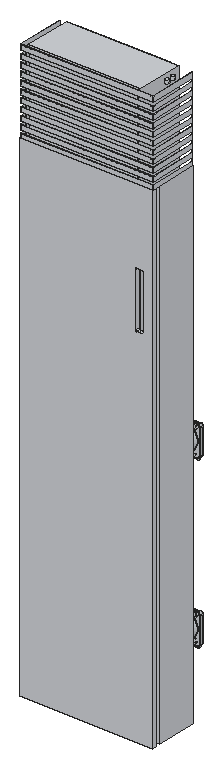
Revit family "57_CRD_ME_Ventura_V1C", category Mechanical Equipment, Revit 2020
Family settings
  Round Connector Dimension = Use Diameter
  Classification = None
  Part Type = Normal
  Work Plane-Based = Yes
  Always vertical = Yes
  Cut with Voids When Loaded = No
  Shared = No
  Room Calculation Point = Yes
Parameters (values of type "Ventura_V1C")
  voltage [instance] = 230 V  # constant formula
  unit_hoogte = 2281 mm
  unit_breedte = 520 mm
  roosters_hoh_maat [instance] = 660 mm
  rooster_offset_Y_onder [instance] = hoh_ventilatie_doorvoeren - roosters_hoh_maat + rooster_offset_Y_boven  # -50 mm
  rooster_offset_Y_boven [instance] = 100 mm
  rooster_offset_X [instance] = 100 mm
  muurrooster_waalformaat_rechts [instance] = and(positie_invoer_roosters = 3, muurrooster_waalformaat)  # no
  muurrooster_waalformaat_links [instance] = and(positie_invoer_roosters = 2, muurrooster_waalformaat)  # no
  muurrooster_waalformaat_achter [instance] = and(positie_invoer_roosters = 1, muurrooster_waalformaat)  # no
  muurrooster_vierkant_rechts [instance] = and(positie_invoer_roosters = 3, muurrooster_vierkant)  # no
  muurrooster_vierkant_links [instance] = and(positie_invoer_roosters = 2, muurrooster_vierkant)  # no
  muurrooster_vierkant_achter [instance] = and(positie_invoer_roosters = 1, muurrooster_vierkant)  # yes
  invoer_cv [instance] = 0.0 L/s
  diameter_cv = 15 mm
  cv_aansluiting_onder [instance] = yes
  cv_aansluiting_boven [instance] = yes
  3=positie_invoer_roosters_rechts [instance] = positie_invoer_roosters = 3  # no
  2=positie_invoer_roosters_links [instance] = positie_invoer_roosters = 2  # no
  1=positie_invoer_roosters_achter [instance] = positie_invoer_roosters = 1  # yes
  positie_invoer_roosters [instance] = 1
  onderkant_unit_tov_vloerpeil = 150 mm  # constant formula
  muurrooster_waalformaat [instance] = not(muurrooster_vierkant)  # no
  muurrooster_vierkant [instance] = yes
  materiaal_unit [instance] = none
  materiaal_muurrooster [instance] = none
  materiaal_kanaal [instance] = Color RAL 9016
  hoh_ventilatie_doorvoeren [instance] = 510 mm  # constant formula
  hart_onderste_doorvoer_tov_vloerpeil = 247 mm
  eis_offset_Y [instance] = "negatief getal ivm ontwatering"  # constant formula
  dikte_binnenspouwblad [instance] = 40 mm
  dikte_spouwconstructie [instance] = 400 mm
  diameter_kanaal [instance] = if(connection_diameter_110, 110 mm, 150 mm)  # 110 mm
  debiet_m3h_max [instance] = 250.00 m³  # constant formula
  debiet_m3h [instance] = 100.00 m³
  debiet_Ls [instance] = debiet_m3h / 3600.0 s  # 27.7778 L/s
  connection_diameter_150 [instance] = not(connection_diameter_110)  # no
  connection_diameter_110 [instance] = yes
  Power = 0 VA
  Mounting = 57_CRD_ME_Ventura_V1C_shared : Ventura_V1C_unit
  Default Elevation = 1219.2 mm
Reference planes
  plane 1 "Center (Front/Back)": y = 0
  plane 2: z = 0
  plane 3 "Center (Left/Right)": x = 0
  plane 4 "ok_unit": z = 150
  plane 5 "doorvoer_onder": z = 247
  plane 6 "doorvoer_boven": z = 757
  plane 7: y = -100
  plane 8: x = -260
  plane 9: x = 260
  plane 10 "bk_unit": z = 2431
  plane 11: x = 230
  plane 12: y = -70
  plane 13: y = -98
  plane 14: y = -179
  plane 15: x = 192
Forms (mm)
  Extrusion 1, solid, material <- "materiaal_unit", visible <- "cv_aansluiting_boven"
    sketch origin (0, 0, 2431) x (-1, 0, 0) y (0, -1, 0)
      loop
        circle (-230, 70) r 7.5
    from 0 to 10
  Extrusion 2, solid, material <- "materiaal_unit", visible <- "cv_aansluiting_boven"
    sketch origin (0, 0, 2431) x (-1, 0, 0) y (0, -1, 0)
      loop
        circle (-230, 98) r 7.5
    from 0 to 10
  Extrusion 3, solid, material <- "materiaal_unit", visible <- "cv_aansluiting_onder"
    sketch origin (0, 0, 150) x (-1, 0, 0) y (0, -1, 0)
      loop
        circle (-192, 179) r 7.5
    from 0 to -10
  Extrusion 4, solid, material <- "materiaal_unit", visible <- "cv_aansluiting_onder"
    sketch origin (0, 0, 150) x (-1, 0, 0) y (0, -1, 0)
      loop
        circle (-230, 179) r 7.5
    from 0 to -10
Dimensions and locks
  "hoh_ventilatie_doorvoeren": plane 6 "doorvoer_boven" to plane 5 "doorvoer_onder"
  "hart_onderste_doorvoer_tov_vloerpeil": plane 5 "doorvoer_onder" to plane 2
  "onderkant_unit_tov_vloerpeil": plane 4 "ok_unit" to plane 2
  locked: plane 1 "Center (Front/Back)" to plane 7 at 100
  equal spacing: plane 8, plane 3 "Center (Left/Right)", plane 9
  "unit_breedte": plane 8 to plane 9
  "unit_hoogte": plane 10 "bk_unit" to plane 4 "ok_unit"
  locked: plane 11 to plane 9 at 30
  locked: plane 12 to plane 1 "Center (Front/Back)" at 70
  locked: plane 13 to plane 1 "Center (Front/Back)" at 98
  locked: plane 14 to plane 1 "Center (Front/Back)" at 179
  locked: plane 3 "Center (Left/Right)" to plane 15 at 192
  "diameter_cv": diameter of Extrusion 3 sketch curve
  "diameter_cv": diameter of Extrusion 4 sketch curve
  "diameter_cv": diameter of Extrusion 1 sketch curve
  "diameter_cv": diameter of Extrusion 2 sketch curve
  aligned and locked: level to plane 2
  aligned and locked: nested 2 to plane 3 "Center (Left/Right)"
  aligned and locked: nested 2 to plane 1 "Center (Front/Back)"
  aligned and locked: nested 4 to plane 3 "Center (Left/Right)"
  aligned and locked: nested 4 to plane 1 "Center (Front/Back)"
  aligned and locked: nested 6 to plane 8
  aligned and locked: nested 7 to plane 8
  aligned and locked: nested 8 to plane 9
  aligned and locked: nested 9 to plane 9
  aligned and locked: plane 7 to nested 9
  aligned and locked: plane 7 to nested 8
  aligned and locked: nested 6 to plane 7
  aligned and locked: nested 7 to plane 7
Automatic sketch dimensions
  Extrusion 1 sketch curve to plane 11 = 0 mm
  plane 12 to Extrusion 1 sketch curve = 0 mm
  Extrusion 2 sketch curve to plane 11 = 0 mm
  plane 13 to Extrusion 2 sketch curve = 0 mm
  plane 14 to Extrusion 3 sketch curve = 0 mm
  Extrusion 3 sketch curve to plane 15 = 0 mm
  Extrusion 4 sketch curve to plane 11 = 0 mm
  plane 14 to Extrusion 4 sketch curve = 0 mm
Nested families
  nested 1: "57_CRD_ME_Ventura_V1C_shared" at (0, 0, 150) x (1, 0, 0) z (0, -1, 0), built-in parameter 1001360 <- "onderkant_unit_tov_vloerpeil", materiaal_muurrooster <- "materiaal_muurrooster", debiet_m3h <- "debiet_m3h", muurrooster_vierkant <- "muurrooster_vierkant", Power <- "Power", type <- "Mounting", materiaal_kanaal <- "materiaal_kanaal", materiaal_unit <- "materiaal_unit", rooster_offset_X <- "rooster_offset_X", dikte_binnenspouwblad <- "dikte_binnenspouwblad", dikte_spouwconstructie <- "dikte_spouwconstructie", rooster_offset_Y_boven <- "rooster_offset_Y_boven", rooster_offset_Y_onder <- "rooster_offset_Y_onder", Connection Diameter 150mm <- "connection_diameter_150", type "Ventura_V1C_unit"
    with rooster_offset_Y_onder -50 mm, rooster_offset_Y_boven 100 mm, rooster_offset_X 100 mm, muurrooster_waalformaat no, muurrooster_vierkant yes, materiaal_unit none, materiaal_muurrooster none, materiaal_kanaal Color RAL 9016, dikte_spouwconstructie 400 mm, dikte_binnenspouwblad 40 mm, debiet_m3h 100.00 m³, debiet_Ls 27.7778 L/s, Vertical Right1 no, Vertical Left1 no, Square White1 no, Square Grille Visible no, Square Grey1 no, Service Space no, Right Clearance 0 mm, Reference Line Ventilation Unit Length 260 mm, Reference Line Ventilation Unit Angle 180.00°, Reference Line Grid Length 96 mm, Reference Line Grid Angle 90.00°, Rectangular White1 no, Rectangular Grille Visible yes, Rectangular Brown1 yes, Rectangular Black1 no, Power 0 VA, Line Length 86.4 mm, Left Clearance 20 mm, Inside Diameter Wall Grille 140 mm, Horizontal Right1 no, Horizontal Left1 yes, Grille Wall Transit Length Safe 180 mm, Grille Wall Transit Length 220 mm, Function Code "", Double Rectangular White1 no, Double Rectangular Grille Visible no, Double Rectangular Brown1 no, Double Rectangular Black1 no, Diameter Wall Grille 140 mm, Connector Diameter 110 mm, Connection Diameter 150mm no, Connection Diameter 110mm yes
  nested 2: "57_CRD_AT_aansluiting_muurrooster_flex" at (0, 0, 247) x (-1, 0, 0) z (0, 0, 1), materiaal_kanaal <- "materiaal_kanaal", materiaal_rooster <- "materiaal_muurrooster", diepte <- "dikte_spouwconstructie", lengte_recht_deel_aansluiting <- "dikte_binnenspouwblad", offset_X <- "rooster_offset_X", offset_Y <- "rooster_offset_Y_onder", Connection Diameter 150 <- "connection_diameter_150", muurrooster_waalformaat <- "muurrooster_waalformaat_achter", visible <- "1=positie_invoer_roosters_achter", muurrooster_vierkant <- "muurrooster_vierkant_achter", type "Grille"
    with rekenwaarde_offset_Y 950 mm, rekenwaarde_offset_X 1100 mm, offset_Y -50 mm, offset_X 100 mm, muurrooster_waalformaat no, muurrooster_vierkant yes, materiaal_rooster none, materiaal_kanaal Color RAL 9016, lengte_recht_deel_aansluiting 40 mm, diepte 400 mm, Tube Length 370 mm, R 55 mm, Diameter 110 mm, Connection Diameter 150 no, Connection Diameter 110 yes, Connection Diameter 110 mm
  nested 3: "Square Grille" at (-100, 400.025, 197) x (-1, 0, 0) z (0, 0, 1), type "Square Grille"
    with materiaal none, Function Code ""
  nested 4: "57_CRD_AT_aansluiting_muurrooster_flex" at (0, 0, 757) x (-1, 0, 0) z (0, 0, 1), materiaal_kanaal <- "materiaal_kanaal", materiaal_rooster <- "materiaal_muurrooster", diepte <- "dikte_spouwconstructie", lengte_recht_deel_aansluiting <- "dikte_binnenspouwblad", offset_X <- "rooster_offset_X", offset_Y <- "rooster_offset_Y_boven", Connection Diameter 150 <- "connection_diameter_150", muurrooster_waalformaat <- "muurrooster_waalformaat_achter", visible <- "1=positie_invoer_roosters_achter", muurrooster_vierkant <- "muurrooster_vierkant_achter", type "Grille"
    with rekenwaarde_offset_Y 1100 mm, rekenwaarde_offset_X 1100 mm, offset_Y 100 mm, offset_X 100 mm, muurrooster_waalformaat no, muurrooster_vierkant yes, materiaal_rooster none, materiaal_kanaal Color RAL 9016, lengte_recht_deel_aansluiting 40 mm, diepte 400 mm, Tube Length 370 mm, R 55 mm, Diameter 110 mm, Connection Diameter 150 no, Connection Diameter 110 yes, Connection Diameter 110 mm
  nested 5: "Square Grille" at (-100, 400.025, 857) x (-1, 0, 0) z (0, 0, 1), type "Square Grille"
    with materiaal none, Function Code ""
  nested 6: "57_CRD_AT_aansluiting_muurrooster_flex" at (-260, -100, 757) x (0, -1, 0) z (0, 0, 1), materiaal_kanaal <- "materiaal_kanaal", materiaal_rooster <- "materiaal_muurrooster", diepte <- "dikte_spouwconstructie", lengte_recht_deel_aansluiting <- "dikte_binnenspouwblad", offset_X <- "rooster_offset_X", offset_Y <- "rooster_offset_Y_boven", Connection Diameter 150 <- "connection_diameter_150", muurrooster_waalformaat <- "muurrooster_waalformaat_links", visible <- "2=positie_invoer_roosters_links", muurrooster_vierkant <- "muurrooster_vierkant_links", type "Grille"
    with rekenwaarde_offset_Y 1100 mm, rekenwaarde_offset_X 1100 mm, offset_Y 100 mm, offset_X 100 mm, muurrooster_waalformaat no, muurrooster_vierkant no, materiaal_rooster none, materiaal_kanaal Color RAL 9016, lengte_recht_deel_aansluiting 40 mm, diepte 400 mm, Tube Length 370 mm, R 55 mm, Diameter 110 mm, Connection Diameter 150 no, Connection Diameter 110 yes, Connection Diameter 110 mm
  nested 7: "57_CRD_AT_aansluiting_muurrooster_flex" at (-260, -100, 247) x (0, -1, 0) z (0, 0, 1), materiaal_kanaal <- "materiaal_kanaal", materiaal_rooster <- "materiaal_muurrooster", diepte <- "dikte_spouwconstructie", lengte_recht_deel_aansluiting <- "dikte_binnenspouwblad", offset_X <- "rooster_offset_X", offset_Y <- "rooster_offset_Y_onder", Connection Diameter 150 <- "connection_diameter_150", muurrooster_waalformaat <- "muurrooster_waalformaat_links", visible <- "2=positie_invoer_roosters_links", muurrooster_vierkant <- "muurrooster_vierkant_links", type "Grille"
    with rekenwaarde_offset_Y 950 mm, rekenwaarde_offset_X 1100 mm, offset_Y -50 mm, offset_X 100 mm, muurrooster_waalformaat no, muurrooster_vierkant no, materiaal_rooster none, materiaal_kanaal Color RAL 9016, lengte_recht_deel_aansluiting 40 mm, diepte 400 mm, Tube Length 370 mm, R 55 mm, Diameter 110 mm, Connection Diameter 150 no, Connection Diameter 110 yes, Connection Diameter 110 mm
  nested 8: "57_CRD_AT_aansluiting_muurrooster_flex" at (260, -100, 757) x (0, 1, 0) z (0, 0, 1), materiaal_kanaal <- "materiaal_kanaal", materiaal_rooster <- "materiaal_muurrooster", diepte <- "dikte_spouwconstructie", lengte_recht_deel_aansluiting <- "dikte_binnenspouwblad", offset_X <- "rooster_offset_X", offset_Y <- "rooster_offset_Y_boven", Connection Diameter 150 <- "connection_diameter_150", muurrooster_waalformaat <- "muurrooster_waalformaat_rechts", visible <- "3=positie_invoer_roosters_rechts", muurrooster_vierkant <- "muurrooster_vierkant_rechts", type "Grille"
    with rekenwaarde_offset_Y 1100 mm, rekenwaarde_offset_X 1100 mm, offset_Y 100 mm, offset_X 100 mm, muurrooster_waalformaat no, muurrooster_vierkant no, materiaal_rooster none, materiaal_kanaal Color RAL 9016, lengte_recht_deel_aansluiting 40 mm, diepte 400 mm, Tube Length 370 mm, R 55 mm, Diameter 110 mm, Connection Diameter 150 no, Connection Diameter 110 yes, Connection Diameter 110 mm
  nested 9: "57_CRD_AT_aansluiting_muurrooster_flex" at (260, -100, 247) x (0, 1, 0) z (0, 0, 1), materiaal_kanaal <- "materiaal_kanaal", materiaal_rooster <- "materiaal_muurrooster", diepte <- "dikte_spouwconstructie", lengte_recht_deel_aansluiting <- "dikte_binnenspouwblad", offset_X <- "rooster_offset_X", offset_Y <- "rooster_offset_Y_onder", Connection Diameter 150 <- "connection_diameter_150", muurrooster_waalformaat <- "muurrooster_waalformaat_rechts", visible <- "3=positie_invoer_roosters_rechts", muurrooster_vierkant <- "muurrooster_vierkant_rechts", type "Grille"
    with rekenwaarde_offset_Y 950 mm, rekenwaarde_offset_X 1100 mm, offset_Y -50 mm, offset_X 100 mm, muurrooster_waalformaat no, muurrooster_vierkant no, materiaal_rooster none, materiaal_kanaal Color RAL 9016, lengte_recht_deel_aansluiting 40 mm, diepte 400 mm, Tube Length 370 mm, R 55 mm, Diameter 110 mm, Connection Diameter 150 no, Connection Diameter 110 yes, Connection Diameter 110 mm
Connectors
  electrical at (-17.963, -4, 1296.5), driven by "voltage"
    settings: on nested 1, index 1, voltage 230 V, apparent load 0 VA, apparent load phase1 0 VA, apparent load phase2 0 VA, apparent load phase3 0 VA, power factor 1, load classification "Other", number of poles 1, system type 31, power factor state 1, is connector primary yes, connector utility no, sub classification motor no, connector description ""
  hvac at (0, 0, 757), driven by "diameter_kanaal", driven by "debiet_Ls"
    settings: on nested 4, index 2, duct flow 27.7778 L/s, flow factor 0, pres drop 0.0 Pa, loss coef 0, conn angle 0.00°, conn width 304.8 mm, conn height 304.8 mm, conn diameter 110 mm, duct sys type 2, conn prof type 0, flow config 0, flow direction 2, loss method 0, conn ref index -1, conn util no, is conn primary yes, conn desc ""
  hvac at (0, 0, 247), driven by "diameter_kanaal", driven by "debiet_Ls"
    settings: on nested 2, index 3, duct flow 27.7778 L/s, flow factor 0, pres drop 0.0 Pa, loss coef 0, conn angle 0.00°, conn width 304.8 mm, conn height 304.8 mm, conn diameter 110 mm, duct sys type 1, conn prof type 0, flow config 0, flow direction 1, loss method 0, conn ref index -1, conn util no, is conn primary no, conn desc ""
  piping at (230, -98, 2441), diameter 15, driven by "invoer_cv", driven by "diameter_cv"
    settings: on Extrusion 2, index 4, connector inside diameter 609.6 mm, connector length 0 mm, flow factor 0, pipe flow 0.0 L/s, pressure drop 0.0 Pa, fitting loss kfactor 0, connector angle 0.00°, fixture units 0, engagement length 0 mm, angle of deflection 0.00°, flow configuration 0, flow direction 1, fitting loss method 0, system type 7, joint type 0, gender type 0, connector reference index -1, connector utility 0, adjustable connector no, is connector primary yes, connector description ""
  piping at (230, -70, 2441), diameter 15, driven by "invoer_cv", driven by "diameter_cv"
    settings: on Extrusion 1, index 5, connector inside diameter 609.6 mm, connector length 0 mm, flow factor 0, pipe flow 0.0 L/s, pressure drop 0.0 Pa, fitting loss kfactor 0, connector angle 0.00°, fixture units 0, engagement length 0 mm, angle of deflection 0.00°, flow configuration 0, flow direction 2, fitting loss method 0, system type 8, joint type 0, gender type 0, connector reference index -1, connector utility 0, adjustable connector no, is connector primary no, connector description ""
  piping at (192, -179, 140), diameter 15, driven by "diameter_cv", driven by "invoer_cv"
    settings: on Extrusion 3, index 6, connector inside diameter 609.6 mm, connector length 0 mm, flow factor 0, pipe flow 0.0 L/s, pressure drop 0.0 Pa, fitting loss kfactor 0, connector angle 0.00°, fixture units 0, engagement length 0 mm, angle of deflection 0.00°, flow configuration 0, flow direction 1, fitting loss method 0, system type 7, joint type 0, gender type 0, connector reference index -1, connector utility 0, adjustable connector no, is connector primary no, connector description ""
  piping at (230, -179, 140), diameter 15, driven by "diameter_cv", driven by "invoer_cv"
    settings: on Extrusion 4, index 7, connector inside diameter 609.6 mm, connector length 0 mm, flow factor 0, pipe flow 0.0 L/s, pressure drop 0.0 Pa, fitting loss kfactor 0, connector angle 0.00°, fixture units 0, engagement length 0 mm, angle of deflection 0.00°, flow configuration 0, flow direction 2, fitting loss method 0, system type 8, joint type 0, gender type 0, connector reference index -1, connector utility 0, adjustable connector no, is connector primary no, connector description ""
  hvac at (-260, -100, 757), driven by "diameter_kanaal", driven by "debiet_Ls"
    settings: on nested 6, index 8, duct flow 27.7778 L/s, flow factor 0, pres drop 0.0 Pa, loss coef 0, conn angle 0.00°, conn width 304.8 mm, conn height 304.8 mm, conn diameter 110 mm, duct sys type 2, conn prof type 0, flow config 0, flow direction 2, loss method 0, conn ref index -1, conn util no, is conn primary no, conn desc ""
  hvac at (-260, -100, 247), driven by "diameter_kanaal", driven by "debiet_Ls"
    settings: on nested 7, index 9, duct flow 27.7778 L/s, flow factor 0, pres drop 0.0 Pa, loss coef 0, conn angle 0.00°, conn width 304.8 mm, conn height 304.8 mm, conn diameter 110 mm, duct sys type 1, conn prof type 0, flow config 0, flow direction 1, loss method 0, conn ref index -1, conn util no, is conn primary no, conn desc ""
  hvac at (260, -100, 757), driven by "diameter_kanaal", driven by "debiet_Ls"
    settings: on nested 8, index 10, duct flow 27.7778 L/s, flow factor 0, pres drop 0.0 Pa, loss coef 0, conn angle 0.00°, conn width 304.8 mm, conn height 304.8 mm, conn diameter 110 mm, duct sys type 2, conn prof type 0, flow config 0, flow direction 2, loss method 0, conn ref index -1, conn util no, is conn primary no, conn desc ""
  hvac at (260, -100, 247), driven by "diameter_kanaal", driven by "debiet_Ls"
    settings: on nested 9, index 11, duct flow 27.7778 L/s, flow factor 0, pres drop 0.0 Pa, loss coef 0, conn angle 0.00°, conn width 304.8 mm, conn height 304.8 mm, conn diameter 110 mm, duct sys type 1, conn prof type 0, flow config 0, flow direction 1, loss method 0, conn ref index -1, conn util no, is conn primary no, conn desc ""
Definition of nested family "57_CRD_ME_Ventura_V1C_shared"
  Parameters (values of type "Mounting Position - Vertical Left Corner")
    rooster_offset_Y_onder [instance] = 100 mm
    rooster_offset_Y_boven [instance] = 100 mm
    rooster_offset_X [instance] = 100 mm
    muurrooster_waalformaat [instance] = not(muurrooster_vierkant)  # no
    muurrooster_vierkant [instance] = yes
    materiaal_unit [instance] = none
    materiaal_muurrooster [instance] = none
    materiaal_kanaal [instance] = none
    dikte_spouwconstructie [instance] = 210 mm
    dikte_binnenspouwblad [instance] = 40 mm
    debiet_m3h [instance] = 100.00 m³
    debiet_Ls [instance] = debiet_m3h / 3600.0 s  # 27.7778 L/s
    Width = 520 mm
    Wholesaler Art. No. = ""
    Wholesaler = ""
    Watermarked By = "https://mep.trimble.com"
    Voltage = 230 V
    Vertical Right1 [instance] = if(Mounting = Vertical Right, 1 = 1, 1 = 0)  # no
    Vertical Right = Position : Vertical, Right Corner
    Vertical Left1 [instance] = if(Mounting = Vertical Left, 1 = 1, 1 = 0)  # yes
    Vertical Left = Position : Vertical, Left Corner
    URL = "https://mep.trimble.com"
    Square White1 [instance] = no
    Square Grille Visible [instance] = if(or(Square Grey1, Square White1), 1 = 1, 1 = 0)  # no
    Square Grey1 [instance] = no
    Service Space [instance] = no
    Stabu Code = ""
    Right Clearance [instance] = if(or(Horizontal Right1, Vertical Left1), 20 mm, 0 mm)  # 20 mm
    Revit Version = "2018"  # constant formula
    Reference Line Grid Length [instance] = if(or(Horizontal Left1, Horizontal Right1), 96 mm, 260 mm)  # 260 mm
    Reference Line Grid Angle [instance] = if(Vertical Left1, 0.00°, if(Vertical Right1, 180.00°, 90.00°))  # 0.00°
    Rectangular White1 [instance] = no
    Rectangular Grille Visible [instance] = if(or(Rectangular Black1, Rectangular White1, Rectangular Brown1), 1 = 1, 1 = 0)  # yes
    Rectangular Brown1 [instance] = yes
    Rectangular Black1 [instance] = no
    Product Line = "ClimaRad"  # constant formula
    Power [instance] = 0 VA
    Mounting = Position : Vertical, Left Corner
    Model = "Ventura V1C"
    Manufacturer URL = "https://www.climarad.nl/producten/actueel/climarad-ventura/"
    Manufacturer Art. No. = "3540300"
    Manufacturer = "ClimaRad"  # constant formula
    MEPcontent Class = "VENTILATION_UNIT"  # constant formula
    Reference Line Ventilation Unit Length [instance] = if(or(Vertical Left1, Vertical Right1), 100.3 mm, 260 mm)  # 100.3 mm
    Line Length [instance] = if(Connection Diameter 110mm, 86.4 mm, 111.1 mm)  # 111.1 mm
    Left Clearance [instance] = if(or(Horizontal Left1, Vertical Right1), 20 mm, 0 mm)  # 0 mm
    Internal Art. No. = ""
    Inside Diameter Wall Grille [instance] = if(Connection Diameter 150mm, 180 mm, 140 mm)  # 180 mm
    IFCExportType = "NOTDEFINED"  # constant formula
    IFCExportAs = "IfcAirTerminal"  # constant formula
    Horizontal Right1 [instance] = if(Mounting = Horizontal Right, 1 = 1, 1 = 0)  # no
    Horizontal Right = Position : Horizontal, Right Corner
    Horizontal Left1 [instance] = if(Mounting = Horizontal Left, 1 = 1, 1 = 0)  # no
    Horizontal Left = Position : Horizontal, Left Corner
    Height = 2281 mm  # constant formula
    Grille Wall Transit Length Safe [instance] = 180 mm
    Grille Wall Transit Length [instance] = 220 mm
    GTIN = ""
    GLN = "8719279000001"
    Function Code [instance] = ""  # constant formula
    Family Version = "11.26"  # constant formula
    ETIM Article Class = "EC010004"  # constant formula
    EMCS Version = "4.0"  # constant formula
    Double Rectangular White1 [instance] = no
    Double Rectangular Grille Visible [instance] = if(or(Double Rectangular Brown1, Double Rectangular Black1, Double Rectangular White1), 1 = 1, 1 = 0)  # no
    Double Rectangular Brown1 [instance] = no
    Double Rectangular Black1 [instance] = no
    Diameter Wall Grille [instance] = if(Connection Diameter 110mm, 140 mm, 180 mm)  # 180 mm
    Description = "Ventileren, verwarmen en koelen"
    Depth = 200 mm
    Default Elevation = 0 mm
    Custom = no
    Copyright = "© Trimble Europe BV"  # constant formula
    Content Supplier URL = "www.MEPcontent.com"
    Connection Diameter 150mm [instance] = yes
    Connection Diameter 110mm [instance] = not(Connection Diameter 150mm)  # no
    Connector Diameter [instance] = if(Connection Diameter 150mm, 150 mm, 110 mm)  # 150 mm
    CB-NL Class = ""
    Base Family Version = "12.19"  # constant formula
    Article Type = "Ventura V1C"
    Article Description = "Ventileren, verwarmen en koelen"
    Reference Line Ventilation Unit Angle [instance] = if(Horizontal Left1, 180.00°, if(Horizontal Right1, 0.00°, 90.00°))  # 90.00°
  Types (4, lengths in mm): name | Vertical Right1 | Vertical Left1 | Right Clearance | Reference Line Grid Length | Reference Line Grid Angle | Mounting | Reference Line Ventilation Unit Length | Left Clearance | Horizontal Right1 | Horizontal Left1 | Reference Line Ventilation Unit Angle
    Mounting Position - Vertical Left Corner | no | yes | 20 | 260 | 0.00° | Position : Vertical, Left Corner | 100.3 | 0 | no | no | 90.00°
    Mounting Position - Vertical Right Corner | yes | no | 0 | 260 | 180.00° | Position : Vertical, Right Corner | 100.3 | 20 | no | no | 90.00°
    Mounting Position - Horizontal Right Corner | no | no | 20 | 96 | 90.00° | Position : Horizontal, Right Corner | 260 | 0 | yes | no | 0.00°
    Mounting Position - Horizontal Left Corner | no | no | 0 | 96 | 90.00° | Position : Horizontal, Left Corner | 260 | 20 | no | yes | 180.00°
  Reference planes
    plane 1 "Center (Front/Back)": y = 0
    plane 2: z = 0
    plane 3 "Center (Left/Right)": x = 0
    plane 4: y = 4
    plane 5: x = 0
    plane 6: z = 203
    plane 7: z = 4
    plane 8: y = 2265.379
    plane 9: y = 1792
    plane 10: z = 101.5
    plane 11: y = 607
    plane 12: y = 97
    plane 13: z = 104.3
    plane 14: z = 100
    plane 15: y = 4
    plane 16: y = 1952.5
    plane 17: x = -260
    plane 18: y = 2276.379
    plane 19: y = 2280
    plane 20: z = 15
    plane 21: y = 2289
    plane 22: z = 204
  Forms (mm)
    Extrusion 1, solid, not visible
      sketch origin (0, 780.8, 0) x (1, 0, 0) y (0, 1, 0)
        loop
          line (-1219.2, 2019.2) -> (-1219.2, -1219.2) -> (1219.2, -1219.2) -> (1219.2, 2019.2) -> (-1219.2, 2019.2)
      from 0 to -304.8
    Extrusion 2, solid, material <- "materiaal_unit", detail levels fine
      sketch origin (-15.963, 0, 4) x (1, 0, 0) y (0, 1, 0)
        loop
          line (-244.037, 4) -> (-232.037, 4) -> (-232.037, 1961.1) -> (-244.037, 1961.1) -> (-244.037, 4)
      from 6 to 167
    Extrusion 3, solid, material <- "materiaal_unit", detail levels fine
      sketch origin (-7, 4, 184) x (1, 0, 0) y (0, 1, 0)
        loop
          line (-253, 1957.1) -> (-253, 0) -> (267, 0) -> (267, 1957.1) -> (-253, 1957.1)
        loop
          arc (204.5, 1662) -> (200.964, 1660.536) -> (199.5, 1657) r 5
          line (199.5, 1657) -> (199.5, 1443)
          arc (199.5, 1443) -> (200.964, 1439.464) -> (204.5, 1438) r 5
          line (204.5, 1438) -> (224.5, 1438)
          arc (224.5, 1438) -> (228.036, 1439.464) -> (229.5, 1443) r 5
          line (229.5, 1443) -> (229.5, 1657)
          arc (229.5, 1657) -> (228.036, 1660.536) -> (224.5, 1662) r 5
          line (224.5, 1662) -> (204.5, 1662)
      from 7 to 20
    Extrusion 4, solid, material <- "materiaal_unit", detail levels fine
      sketch origin (-29.925, 4, 4) x (1, 0, 0) y (0, 1, 0)
        loop
          line (277.925, 0) -> (289.925, 0) -> (289.925, 1957.1) -> (277.925, 1957.1) -> (277.925, 0)
      from 6 to 167
    Extrusion 5, solid, material <- "materiaal_unit", detail levels fine
      sketch origin (-17.963, 4, 0) x (1, 0, 0) y (0, 1, 0)
        loop
          line (-220, 2285) -> (-220, 0) -> (220, 0) -> (220, 2285) -> (-220, 2285)
      from 4 to 190.5
    Extrusion 6, solid, material <- "materiaal_unit", detail levels fine
      sketch origin (-17.963, 346.879, 0) x (1, 0, 0) y (0, 1, 0)
        loop
          line (-179.5, 1938.5) -> (-179.5, 1898.5) -> (179.5, 1898.5) -> (179.5, 1938.5) -> (-179.5, 1938.5)
        loop
          circle (73.982, 1918.5) r 5
        loop
          arc (-157.669, 1923.5) -> (-162.669, 1918.5) -> (-157.669, 1913.5) r 5
          line (-157.669, 1913.5) -> (-141.707, 1913.5)
          arc (-141.707, 1913.5) -> (-136.707, 1918.5) -> (-141.707, 1923.5) r 5
          line (-141.707, 1923.5) -> (-157.669, 1923.5)
        loop
          line (154.688, 1910.519) -> (154.688, 1926.481)
          arc (154.688, 1926.481) -> (149.688, 1931.481) -> (144.688, 1926.481) r 5
          line (144.688, 1926.481) -> (144.688, 1910.519)
          arc (144.688, 1910.519) -> (149.688, 1905.519) -> (154.688, 1910.519) r 5
        loop
          circle (-73.982, 1918.5) r 5
      from 0 to 4
    Sweep 7, solid, not visible
      path in 3D
        loop
          line (0, 607, 100) -> (260, 607, 100)
      profile origin (130, 607, 100) x (0, 0, -1) y (0, 1, 0)
        loop
          circle (0, 0) r 10
    Extrusion 8, solid, material <- "materiaal_unit", detail levels coarse+medium
      sketch origin (0, 4, 0) x (1, 0, 0) y (0, 1, 0)
        loop
          line (260, 2285) -> (-260, 2285) -> (-260, 0) -> (260, 0) -> (260, 2285)
      from 4 to 204
    Extrusion 9, solid, material <- "materiaal_unit", detail levels coarse+medium
      sketch origin (-17.963, 346.879, 0) x (1, 0, 0) y (0, 1, 0)
        loop
          line (-179.5, 1938.5) -> (-179.5, 1898.5) -> (179.5, 1898.5) -> (179.5, 1938.5) -> (-179.5, 1938.5)
      from 0 to 4
    Extrusion 10, solid, material <- "materiaal_unit", detail levels fine
      sketch origin (-132.963, 4, 0) x (-1, 0, 0) y (0, 0, -1)
        loop
          line (78.637, -95.4) -> (78.637, -89.4) -> (62.637, -89.4) -> (62.637, -95.4) -> (78.637, -95.4)
        loop
          line (-271.563, -95.4) -> (-271.563, -89.4) -> (-287.563, -89.4) -> (-287.563, -95.4) -> (-271.563, -95.4)
      from 0 to 4
    Extrusion 11, solid, material <- "materiaal_unit", detail levels fine
      sketch origin (-260, 1951.479, 7) x (1, 0, 0) y (0, 0, -1)
        loop
          line (0, -6) -> (0, -194.8)
          arc (0, -194.8) -> (0.644, -196.356) -> (2.2, -197) r 2.2
          line (2.2, -197) -> (517.8, -197)
          arc (517.8, -197) -> (519.356, -196.356) -> (520, -194.8) r 2.2
          line (520, -194.8) -> (520, -6) -> (518.8, -6) -> (518.8, -193.8)
          arc (518.8, -193.8) -> (518.507, -194.507) -> (517.8, -194.8) r 1
          line (517.8, -194.8) -> (2.2, -194.8)
          arc (2.2, -194.8) -> (1.493, -194.507) -> (1.2, -193.8) r 1
          line (1.2, -193.8) -> (1.2, -6) -> (0, -6)
      from 9.621 to 337.5
    Extrusion 12, void
      sketch origin (-17.963, 7.379, 0) x (1, 0, 0) y (0, 1, 0)
        loop
          line (321.763, 2248.3) -> (321.763, 2261.7) -> (-274.865, 2261.7) -> (-274.865, 2248.3) -> (321.763, 2248.3)
        loop
          line (321.763, 2230.7) -> (-274.865, 2230.7) -> (-274.865, 2217.3) -> (321.763, 2217.3) -> (321.763, 2230.7)
        loop
          line (321.763, 2199.7) -> (-274.865, 2199.7) -> (-274.865, 2186.3) -> (321.763, 2186.3) -> (321.763, 2199.7)
        loop
          line (321.763, 2168.7) -> (-274.865, 2168.7) -> (-274.865, 2155.3) -> (321.763, 2155.3) -> (321.763, 2168.7)
        loop
          line (321.763, 2137.7) -> (-274.865, 2137.7) -> (-274.865, 2124.3) -> (321.763, 2124.3) -> (321.763, 2137.7)
        loop
          line (321.763, 2106.7) -> (-274.865, 2106.7) -> (-274.865, 2093.3) -> (321.763, 2093.3) -> (321.763, 2106.7)
        loop
          line (321.763, 2075.7) -> (-274.865, 2075.7) -> (-274.865, 2062.3) -> (321.763, 2062.3) -> (321.763, 2075.7)
        loop
          line (321.763, 2044.7) -> (-274.865, 2044.7) -> (-274.865, 2031.3) -> (321.763, 2031.3) -> (321.763, 2044.7)
        loop
          line (321.763, 2013.7) -> (-274.865, 2013.7) -> (-274.865, 2000.3) -> (321.763, 2000.3) -> (321.763, 2013.7)
        loop
          line (321.763, 1982.7) -> (-274.865, 1982.7) -> (-274.865, 1969.3) -> (321.763, 1969.3) -> (321.763, 1982.7)
      from 15 to 208.659
    Extrusion 13, void
      sketch origin (0, 0, 0.008) x (0, 1, 0) y (0, 0, 1)
        loop
          line (0.8, 96.306) -> (0.8, 93.463)
          arc (0.8, 93.463) -> (0.984, 92.713) -> (1.493, 92.132) r 1.625
          line (1.493, 92.132) -> (4, 90.377) -> (4, 96.306) -> (0.8, 96.306)
        loop
          line (4, 89.4) -> (0.626, 91.762)
          arc (0.626, 91.762) -> (0.166, 92.287) -> (0, 92.965) r 1.469
          line (0, 92.965) -> (0, 96.656) -> (-1.376, 96.656) -> (-1.376, 93.164) -> (-1.376, 87.775) -> (4, 87.775) -> (4, 89.4)
      from -237.963 to 202.037
    Extrusion 14, solid, material <- "materiaal_unit", detail levels coarse+medium
      sketch origin (-132.963, 4, 0) x (-1, 0, 0) y (0, 0, -1)
        loop
          line (78.637, -95.4) -> (78.637, -89.4) -> (62.637, -89.4) -> (62.637, -95.4) -> (78.637, -95.4)
        loop
          line (-271.563, -95.4) -> (-271.563, -89.4) -> (-287.563, -89.4) -> (-287.563, -95.4) -> (-271.563, -95.4)
      from 0 to 4
    Extrusion 15, solid, material <- "materiaal_unit", detail levels fine
      sketch origin (-257.8, 1951.479, 201.8) x (0, -1, 0) y (-1, 0, 0)
        loop
          line (3.179, -19.837) -> (-337.5, -19.837) -> (-337.5, -21.6) -> (3.179, -21.6) -> (3.179, -19.837)
        loop
          line (-8.612, -458) -> (-337.521, -458) -> (-337.521, -459.837) -> (-5.874, -459.837) -> (3.179, -459.837) -> (3.179, -458) -> (-8.612, -458)
      from 0 to 22.6
  Cuts and joins
    Extrusion 13 cuts Extrusion 10
    joined: Extrusion 5, Extrusion 10, Extrusion 15
    Extrusion 13 cuts Extrusion 14
    joined: Extrusion 8, Extrusion 14
    Extrusion 12 cuts Extrusion 11
  Lines and regions (mm)
    reference lines
      curve 1: line (0, 1792, 104.3) -> (0, 1792, 4)
      curve 2: line (0, 607, 100) -> (260, 607, 100)
    sketch lines
      curve 3: line (0, 607, 100) -> (260, 607, 100)
  Dimensions and locks
    plane 1 "Center (Front/Back)" to plane 4 = 4 mm
    "Reference Line Ventilation Unit Length": curve 1 to curve 1
    "Reference Line Grid Length": curve 2 to curve 2
    Extrusion 4 sketch curve to Extrusion 3 = 12 mm
    Extrusion 3 to Extrusion 2 sketch curve = 12 mm
    plane 1 "Center (Front/Back)" to plane 15 = 4 mm
    Extrusion 8 to plane 16 = 336.5 mm
    Extrusion 8 to Extrusion 9 = 62.537 mm
    Extrusion 13 sketch curve to Extrusion 13 sketch curve = 0.8 mm
    plane 21 to plane 15 = 2285 mm
    "Reference Line Ventilation Unit Angle": angle curve 1 to plane 10
    "Reference Line Grid Angle": angle curve 2 to plane 10
    aligned and locked: plane 2 to Extrusion 1
    aligned and locked: level to Extrusion 1
    aligned and locked: Extrusion 2 to Extrusion 4
    aligned and locked: plane 5 to curve 1
    aligned and locked: plane 5 to curve 2
    aligned and locked: plane 14 to curve 2
    aligned and locked: plane 13 to curve 1
    aligned and locked: Extrusion 12 to plane 20
  Automatic sketch dimensions
    Extrusion 1 sketch curve to Extrusion 1 sketch curve = 2438.4 mm
    Extrusion 1 sketch curve to Extrusion 1 sketch curve = 3238.4 mm
    Extrusion 2 sketch curve to plane 17 = 0 mm
    Extrusion 2 sketch curve to plane 4 = 0 mm
    plane 16 to Extrusion 2 sketch curve = 8.6 mm
    Extrusion 3 sketch curve to plane 15 = 0 mm
    Extrusion 3 sketch curve to plane 17 = 0 mm
    plane 3 "Center (Left/Right)" to Extrusion 3 sketch curve = 192.5 mm
    Extrusion 3 sketch curve to Extrusion 3 sketch curve = 5 mm  (x3)
    Extrusion 3 sketch curve to Extrusion 3 sketch curve = 20 mm  (x2)
    plane 3 "Center (Left/Right)" to Extrusion 3 sketch curve = 260 mm
    Extrusion 3 sketch curve to plane 9 = 350 mm
    Extrusion 3 sketch curve to plane 9 = 131 mm
    plane 16 to Extrusion 3 sketch curve = 8.6 mm
    Extrusion 4 sketch curve to plane 15 = 0 mm
    Extrusion 4 sketch curve to Extrusion 4 sketch curve = 12 mm
    plane 16 to Extrusion 4 sketch curve = 8.6 mm
    Extrusion 5 sketch curve to plane 15 = 0 mm
    Extrusion 5 sketch curve to plane 19 = 9 mm
    Extrusion 5 sketch curve to plane 17 = 22.037 mm
    plane 3 "Center (Left/Right)" to Extrusion 5 sketch curve = 202.037 mm
    plane 18 to Extrusion 6 sketch curve = 9 mm
    Extrusion 6 sketch curve to plane 8 = 0 mm  (x3)
    Extrusion 6 sketch curve to plane 8 = 20 mm
    Extrusion 6 sketch curve to plane 17 = 62.537 mm
    Extrusion 6 sketch curve to Extrusion 6 sketch curve = 21.831 mm
    plane 8 to Extrusion 6 sketch curve = 5 mm
    Extrusion 6 sketch curve to Extrusion 6 sketch curve = 15.961 mm
    Extrusion 6 sketch curve to Extrusion 6 sketch curve = 67.726 mm
    plane 3 "Center (Left/Right)" to Extrusion 6 sketch curve = 56.019 mm
    plane 8 to Extrusion 6 sketch curve = 7.981 mm
    Extrusion 6 sketch curve to Extrusion 6 sketch curve = 70.706 mm
    Extrusion 6 sketch curve to Extrusion 6 sketch curve = 5 mm
    Extrusion 6 sketch curve to Extrusion 6 sketch curve = 24.812 mm
    Extrusion 6 sketch curve to plane 8 = 7.981 mm
    Sweep 7 sketch curve to profile plane = 0 mm  (x2)
    Extrusion 8 sketch curve to plane 17 = 0 mm
    Extrusion 8 sketch curve to plane 15 = 0 mm
    Extrusion 8 sketch curve to plane 19 = 9 mm
    plane 3 "Center (Left/Right)" to Extrusion 8 sketch curve = 260 mm
    plane 18 to Extrusion 9 sketch curve = 9 mm
    Extrusion 9 sketch curve to plane 17 = 62.537 mm
    Extrusion 9 sketch curve to plane 18 = 31 mm
    plane 3 "Center (Left/Right)" to Extrusion 9 sketch curve = 161.537 mm
    Extrusion 10 sketch curve to Extrusion 5 = 47.437 mm
    Extrusion 10 sketch curve to Extrusion 10 sketch curve = 16 mm  (x2)
    Extrusion 5 to Extrusion 10 sketch curve = 42.363 mm
    Extrusion 5 to Extrusion 10 sketch curve = 91.4 mm  (x2)
    Extrusion 10 sketch curve to Extrusion 10 sketch curve = 6 mm  (x2)
    Extrusion 11 sketch curve to Extrusion 11 sketch curve = 0 mm  (x2)
    Extrusion 11 sketch curve to Extrusion 11 sketch curve = 1 mm  (x4)
    plane 17 to Extrusion 11 sketch curve = 0 mm
    plane 6 to Extrusion 11 sketch curve = 1 mm
    Extrusion 11 sketch curve to Extrusion 11 sketch curve = 1.2 mm
    plane 3 "Center (Left/Right)" to Extrusion 11 sketch curve = 257.8 mm
    Extrusion 11 sketch curve to plane 20 = 2 mm  (x2)
    plane 16 to Extrusion 12 sketch curve = 24.179 mm
    plane 17 to Extrusion 12 sketch curve = 32.828 mm  (x2)
    Extrusion 12 sketch curve to Extrusion 12 sketch curve = 0 mm  (x17)
    plane 16 to Extrusion 12 sketch curve = 117.179 mm
    plane 3 "Center (Left/Right)" to Extrusion 12 sketch curve = 303.8 mm
    Extrusion 12 sketch curve to Extrusion 12 sketch curve = 13.4 mm  (x10)
    Extrusion 12 sketch curve to Extrusion 12 sketch curve = 17.6 mm  (x8)
    plane 1 "Center (Front/Back)" to Extrusion 13 sketch curve = 1.376 mm
    Extrusion 13 sketch curve to plane 1 "Center (Front/Back)" = 0 mm
    Extrusion 13 sketch curve to Extrusion 13 sketch curve = 0.626 mm
    Extrusion 13 sketch curve to Extrusion 13 sketch curve = 0.8 mm
    Extrusion 13 sketch curve to Extrusion 13 sketch curve = 0.669 mm
    Extrusion 13 sketch curve to Extrusion 13 sketch curve = 0.024 mm
    Extrusion 13 sketch curve to plane 15 = 1.575 mm
    plane 15 to Extrusion 13 sketch curve = 0 mm
    Extrusion 13 sketch curve to Extrusion 13 sketch curve = 0 mm
    Extrusion 13 sketch curve to plane 14 = 12.216 mm
    Extrusion 13 sketch curve to Extrusion 13 sketch curve = 1.625 mm
    Extrusion 13 sketch curve to Extrusion 13 sketch curve = 0.977 mm
    Extrusion 13 sketch curve to Extrusion 13 sketch curve = 0.199 mm
    Extrusion 13 sketch curve to Extrusion 13 sketch curve = 2.843 mm
    Extrusion 13 sketch curve to Extrusion 13 sketch curve = 0.351 mm
    Extrusion 14 sketch curve to Extrusion 5 = 47.437 mm
    Extrusion 14 sketch curve to Extrusion 14 sketch curve = 16 mm  (x2)
    Extrusion 5 to Extrusion 14 sketch curve = 42.363 mm
    Extrusion 5 to Extrusion 14 sketch curve = 95.1 mm  (x2)
    Extrusion 14 sketch curve to Extrusion 14 sketch curve = 6 mm  (x2)
    Extrusion 15 sketch curve to Extrusion 11 = 0 mm
    Extrusion 11 to Extrusion 15 sketch curve = 0.021 mm
    Extrusion 11 to Extrusion 15 sketch curve = 1.009 mm
    Extrusion 15 sketch curve to Extrusion 15 sketch curve = 2.738 mm
    Extrusion 11 to Extrusion 15 sketch curve = 12.8 mm
    Extrusion 15 sketch curve to Extrusion 15 sketch curve = 9.053 mm
    Extrusion 11 to Extrusion 15 sketch curve = 19.837 mm
    Extrusion 15 sketch curve to Extrusion 15 sketch curve = 1.763 mm
    Extrusion 15 sketch curve to Extrusion 11 = 57.6 mm
    Extrusion 15 sketch curve to Extrusion 15 sketch curve = 1.837 mm
    radius of Extrusion 6 sketch curve = 5 mm  (x2)
    radius of Sweep 7 sketch curve = 10 mm
  Nested families
    nested 1: "Service Space" at (0, 1144.5, 0), visible <- "Service Space", Show Service Area <- "Service Space", type "Service Space"
      with Show Service Area no, Depth 2289 mm, Height 204 mm
  Definition of nested family "Service Space"
    Parameters (values of type "Service Space")
      Depth = 2280 mm
      Watermarked By = "www.stabiplan.com"
      URL = "www.stabiplan.com"
      Type Comments = "﻿﻿            ​   ​     ​         ​ ​     ​            ​       ​                   ​   ​       ​      ﻿ ﻿       ​       ﻿    ﻿ ﻿          ﻿﻿"
      Show Service Area [instance] = yes
      Top Clearance = 0 mm
      Right Clearance = 20 mm
      Left Clearance = 0 mm
      Keynote = "﻿﻿            ​   ​     ​         ​ ​     ​            ​       ​                   ​   ​       ​      ﻿ ﻿       ​       ﻿    ﻿ ﻿          ﻿﻿"
      Glass = none
      Front Clearance = 0 mm
      Default Elevation = 0 mm
      Bottom Clearance = 0 mm
      Model = ""
      Manufacturer = ""
      Width = 520 mm
      Height = 203 mm
      Description = "﻿﻿            ​   ​     ​         ​ ​     ​            ​       ​                   ​   ​       ​      ﻿ ﻿       ​       ﻿    ﻿ ﻿          ﻿﻿"
      Manufacturer URL = ""
      Copyright = "© Stabiplan BV / Stabiplan International BV"  # constant formula
      Back Clearance = 0 mm
      Assembly Code = "﻿﻿            ​   ​     ​         ​ ​     ​            ​       ​                   ​   ​       ​      ﻿ ﻿       ​       ﻿    ﻿ ﻿          ﻿﻿"
    Reference planes
      plane 1 "Center (Front/Back)": y = 0
      plane 2: z = 0
      plane 3 "Center (Left/Right)": x = 0
      plane 4: x = 260
      plane 5: x = -260
      plane 6: z = 0
      plane 7: z = 203
      plane 8: x = -255
      plane 9: x = 255
      plane 10: z = -20
      plane 11: y = -1140
      plane 12: x = 280
      plane 13: x = -260
      plane 14: z = 203
      plane 15: y = 1140
      plane 16: y = -1140
      plane 17: y = 1140
    Forms (mm)
      Extrusion 1, solid, material <- "Glass", visible <- "Show Service Area"
        sketch origin (0, 0, 0) x (1, 0, 0) y (0, 1, 0)
          loop
            line (-260, 1140) -> (-260, -1140) -> (280, -1140) -> (280, 1140) -> (-260, 1140)
        from 0 to 203
    Dimensions and locks
      equal spacing: plane 5, plane 3 "Center (Left/Right)", plane 4
      "Width": plane 5 to plane 4
      "Bottom Clearance": plane 6 to plane 2
      "Height": plane 7 to plane 6
      locked: plane 8 to plane 5 at 5
      locked: plane 9 to plane 4 at 5
      locked: plane 6 to plane 10 at 20
      "Right Clearance": plane 12 to plane 4
      "Left Clearance": plane 13 to plane 5
      "Top Clearance": plane 14 to plane 7
      equal spacing: plane 16, plane 1 "Center (Front/Back)", plane 15
      "Back Clearance": plane 17 to plane 15
      "Depth": plane 15 to plane 16
      "Front Clearance": plane 11 to plane 16
      aligned and locked: level to plane 2
      aligned and locked: plane 14 to Extrusion 1
      aligned and locked: Extrusion 1 to plane 17
    Automatic sketch dimensions
      Extrusion 1 sketch curve to plane 13 = 0 mm
      plane 11 to Extrusion 1 sketch curve = 0 mm
      Extrusion 1 sketch curve to plane 12 = 0 mm
      Extrusion 1 sketch curve to plane 1 "Center (Front/Back)" = 1140 mm
Definition of nested family "57_CRD_AT_aansluiting_muurrooster_flex"
  Parameters (values of type "Grille")
    rekenwaarde_offset_Y [instance] = offset_Y + 1000 mm  # 1150 mm
    rekenwaarde_offset_X [instance] = offset_X + 1000 mm  # 1150 mm
    offset_Y [instance] = 150 mm
    offset_X [instance] = 150 mm
    muurrooster_waalformaat [instance] = yes
    muurrooster_vierkant [instance] = no
    materiaal_rooster [instance] = none
    materiaal_kanaal [instance] = none
    lengte_recht_deel_aansluiting [instance] = 100 mm
    diepte [instance] = 600 mm
    Width = 210 mm
    Watermarked By = ""
    URL = "www.stabiplan.com"
    Tube Length [instance] = if(muurrooster_waalformaat, diepte - 80 mm, diepte - 30 mm)  # 520 mm
    R [instance] = Connection Diameter / 2  # 75 mm
    Model = ""
    Manufacturer = "ClimaRad"  # constant formula
    IFCExportType = "GRILLE"  # constant formula
    IFCExportAs = "IfcAirTerminal"  # constant formula
    Height = 53 mm
    Diameter [instance] = Connection Diameter  # 150 mm
    Description = ""
    Depth = 7.5 mm
    Default Elevation = 1219.2 mm
    Connection Diameter 150 [instance] = yes
    Connection Diameter 110 [instance] = not(Connection Diameter 150)  # no
    Connection Diameter [instance] = if(Connection Diameter 110, 110 mm, 150 mm)  # 150 mm
    Keynote = "﻿﻿​        ﻿﻿  ﻿ ﻿   ﻿ ﻿ ﻿     ﻿   ﻿ ﻿  ﻿﻿ ﻿     ​                      ﻿     ﻿     ​         ​              ﻿                           ​﻿﻿"
    Type Comments = "﻿﻿​        ﻿﻿  ﻿ ﻿   ﻿ ﻿ ﻿     ﻿   ﻿ ﻿  ﻿﻿ ﻿     ​                      ﻿     ﻿     ​         ​              ﻿                           ​﻿﻿"
    Assembly Code = "﻿﻿​        ﻿﻿  ﻿ ﻿   ﻿ ﻿ ﻿     ﻿   ﻿ ﻿  ﻿﻿ ﻿     ​                      ﻿     ﻿     ​         ​              ﻿                           ​﻿﻿"
  Reference planes
    plane 1 "Center (Front/Back)": y = 0
    plane 2: z = 0
    plane 3 "Center (Left/Right)": x = 0
    plane 4: y = -340.025
    plane 5: x = 43
    plane 6: x = -43
    plane 7 "achterkant_rooster": y = -520
    plane 8: x = -1000
    plane 9: z = -1000
    plane 10: x = 150
    plane 11 "level_muurrooster": z = 150
    plane 12 "asp_rooster": y = -470.025
    plane 13 "ventura_ASP": y = -100
    plane 14: y = -550.025
    plane 15: y = -600.025
  Forms (mm)
    Extrusion 1, solid, material <- "materiaal_kanaal"
      sketch origin (0, -100, 0) x (-1, 0, 0) y (0, 0, 1)
        loop
          circle (0, 0) r 75
      from 0 to 100
    Blend 2, solid, material <- "materiaal_kanaal"
      base sketch origin (0, -100, 0) x (-1, 0, 0) y (0, 0, 1)
        loop
          circle (0, 0) r 75
      top sketch origin (0, -470.025, 0) x (-1, 0, 0) y (0, 0, 1)
        loop
          circle (-150, 150.501) r 75
      from 0 to 0
    SweptBlend 3, solid, material <- "materiaal_kanaal"
      path origin (0, -430.025, 150) x (-1, 0, 0) y (0, -1, 0)
        loop
          line (-150, 40) -> (-150, 89.975)
      profile origin (150, -470.025, 150) x (1, 0, 0) y (0, 0, 1)
        loop
          circle (0, 0.501) r 75
      end profile origin (150, -520, 150) x (1, 0, 0) y (0, 0, 1)
        loop
          circle (0, 0.501) r 50
  Lines and regions (mm)
    model lines
      curve 1: line (150, -470.025, 150) -> (150, -520, 150)
  Dimensions and locks
    equal spacing: plane 6, plane 3 "Center (Left/Right)", plane 5
    locked: plane 6 to plane 5 at 86
    plane 1 "Center (Front/Back)" to plane 4 = 340.025 mm
    plane 7 "achterkant_rooster" to plane 1 "Center (Front/Back)" = 520 mm
    locked: plane 3 "Center (Left/Right)" to plane 8 at 1000
    locked: plane 2 to plane 9 at 1000
    "rekenwaarde_offset_Y": plane 11 "level_muurrooster" to plane 9
    "rekenwaarde_offset_X": plane 10 to plane 8
    locked: plane 14 to plane 15 at 50
    "Tube Length": plane 7 "achterkant_rooster" to plane 1 "Center (Front/Back)"
    locked: plane 7 "achterkant_rooster" to plane 12 "asp_rooster" at 49.975
    locked: plane 15 to plane 7 "achterkant_rooster" at 80.025
    "lengte_recht_deel_aansluiting": plane 1 "Center (Front/Back)" to plane 13 "ventura_ASP"
    "Diameter": diameter of Extrusion 1 sketch curve
    "Diameter": diameter of Blend 2 sketch curve  (x2)
    "Diameter": diameter of SweptBlend 3 sketch curve
    aligned and locked: level to plane 2
    aligned and locked: plane 7 "achterkant_rooster" to SweptBlend 3 sketch curve
    aligned and locked: plane 12 "asp_rooster" to SweptBlend 3 sketch curve
    aligned and locked: plane 10 to nested 1
    aligned and locked: nested 2 to plane 14
    aligned and locked: plane 10 to nested 2
    aligned and locked: nested 1 to plane 15
    aligned and locked: Extrusion 1 to plane 1 "Center (Front/Back)"
  Automatic sketch dimensions
    plane 7 "achterkant_rooster" to curve 1 = 0 mm
    curve 1 to plane 10 = 0 mm
    curve 1 to plane 12 "asp_rooster" = 0 mm
    SweptBlend 3 sketch curve to plane 10 = 0 mm
    profile plane to SweptBlend 3 sketch curve = 0 mm  (x2)
    plane 11 "level_muurrooster" to SweptBlend 3 sketch curve = 0.501 mm  (x2)
    Extrusion 1 sketch curve to level = 0 mm
    Extrusion 1 sketch curve to plane 3 "Center (Left/Right)" = 0 mm
    Blend 2 sketch curve to level = 0 mm
    Blend 2 sketch curve to plane 3 "Center (Left/Right)" = 0 mm
    Blend 2 sketch curve to Blend 2 sketch curve = 0 mm  (x2)
    Blend 2 sketch curve to plane 10 = 0 mm
    plane 11 "level_muurrooster" to Blend 2 sketch curve = 0.501 mm
    radius of SweptBlend 3 sketch curve = 50 mm
  Nested families
    nested 1: "Rectangular Grille" at (150, -600.025, 150), materiaal <- "materiaal_rooster", visible <- "muurrooster_waalformaat", type "Rectangular Grille"
      with materiaal none, Function Code "", Default Elevation 0 mm
    nested 2: "Square Grille" at (150, -550.025, 150), materiaal <- "materiaal_rooster", visible <- "muurrooster_vierkant", type "Square Grille"
      with materiaal none, Function Code ""
  Definition of nested family "Rectangular Grille"
    Parameters (values of type "Rectangular Grille")
      Width = 210 mm
      Wholesaler Art. No. = ""
      Wholesaler = ""
      materiaal [instance] = none
      Watermarked By = "www.stabiplan.com"
      URL = "www.stabiplan.com"
      Type Comments = "﻿﻿ ﻿ ﻿﻿﻿﻿﻿﻿          ​          ﻿       ﻿   ﻿  ﻿  ﻿  ﻿​     ​​  ​​   ​​   ﻿﻿     ​      ​​  ​​      ﻿     ﻿   ﻿      ﻿  ﻿﻿"
      Stabu Code = ""
      Revit Version = "2014"  # constant formula
      Product Line = "ClimaRad"
      Model = "53x210"
      Manufacturer URL = "www.climarad.com"
      Manufacturer Art. No. = "3511103"
      Manufacturer = "ClimaRad"
      MEPcontent Class = "GRILLE"  # constant formula
      Keynote = "﻿﻿ ﻿ ﻿﻿﻿﻿﻿﻿          ​          ﻿       ﻿   ﻿  ﻿  ﻿  ﻿​     ​​  ​​   ​​   ﻿﻿     ​      ​​  ​​      ﻿     ﻿   ﻿      ﻿  ﻿﻿"
      Internal Art. No. = ""
      IFCExportType = "GRILLE"  # constant formula
      IFCExportAs = "IfcAirTerminalType"  # constant formula
      Height = 53 mm
      GTIN = ""
      Function Code [instance] = ""
      Family Version = "10.04"  # constant formula
      ETIM Article Class = "EC001297"
      EMCS Version = "2.0"  # constant formula
      Description = "Aluminium brick"
      Depth = 7.5 mm
      Default Elevation = 1219.2 mm
      Custom = no
      Copyright = "© Stabiplan International BV"  # constant formula
      Content Supplier URL = "www.mepcontent.eu"
      CB-NL Class = ""
      Assembly Code = "﻿﻿ ﻿ ﻿﻿﻿﻿﻿﻿          ​          ﻿       ﻿   ﻿  ﻿  ﻿  ﻿​     ​​  ​​   ​​   ﻿﻿     ​      ​​  ​​      ﻿     ﻿   ﻿      ﻿  ﻿﻿"
      Article Type = "53x210"
      Article Description = "Aluminium brick"
    Reference planes
      plane 1 "Center (Front/Back)": y = 0
      plane 2: z = 0
      plane 3 "Center (Left/Right)": x = 0
      plane 4: y = 90
    Forms (mm)
      Revolve 1, solid, material <- "materiaal", detail levels fine
        sketch origin (0, 50, 0) x (0, 1, 0) y (0, 0, 1)
          loop
            arc (39.018, 42.11) -> (39.963, 43.055) -> (39.018, 44) r 0.945
            line (39.018, 44) -> (38.22, 44)
            arc (38.22, 44) -> (37.144, 44.34) -> (36.461, 45.238) r 1.868
            line (36.461, 45.238) -> (36.176, 46.035)
            arc (36.176, 46.035) -> (35.58, 46.509) -> (34.985, 46.035) r 0.611
            line (34.985, 46.035) -> (34.985, 44.473)
            arc (34.985, 44.473) -> (34.391, 43.99) -> (33.796, 44.473) r 0.607
            line (33.796, 44.473) -> (33.796, 46.019)
            arc (33.796, 46.019) -> (33.188, 46.501) -> (32.58, 46.019) r 0.625
            line (32.58, 46.019) -> (32.287, 45.206)
            arc (32.287, 45.206) -> (31.587, 44.307) -> (30.491, 43.995) r 1.834
            line (30.491, 43.995) -> (29.298, 43.995)
            arc (29.298, 43.995) -> (28.157, 44.349) -> (27.417, 45.286) r 2.015
            line (27.417, 45.286) -> (27.157, 46.035)
            arc (27.157, 46.035) -> (26.562, 46.509) -> (25.966, 46.035) r 0.611
            line (25.966, 46.035) -> (25.966, 44.473)
            arc (25.966, 44.473) -> (25.372, 43.99) -> (24.777, 44.473) r 0.607
            line (24.777, 44.473) -> (24.777, 46.019)
            arc (24.777, 46.019) -> (24.169, 46.501) -> (23.561, 46.019) r 0.625
            line (23.561, 46.019) -> (23.268, 45.206)
            arc (23.268, 45.206) -> (22.536, 44.329) -> (21.442, 44) r 1.985
            line (21.442, 44) -> (0, 44) -> (0, 42.11) -> (39.018, 42.11)
          axis (39.018, 0) -> (0, 0)
        angle from 0 to 360
      Sweep 2, solid, material <- "materiaal", detail levels fine
        path origin (0, 0, 0) x (1, 0, 0) y (0, 0, 1)
          loop
            line (-104, 25.5) -> (-104, -25.5) -> (104, -25.5) -> (104, 25.5) -> (-104, 25.5)
        profile origin (0, 0, 25.5) x (0, 0, 1) y (0, -1, 0)
          loop
            line (-3.5, 6.5) -> (-0.973, 6.5)
            arc (-0.973, 6.5) -> (-0.285, 6.215) -> (0, 5.527) r 0.973
            line (0, 5.527) -> (0, 0) -> (1, 0) -> (1, 5.549)
            arc (1, 5.549) -> (0.429, 6.929) -> (-0.951, 7.5) r 1.951
            line (-0.951, 7.5) -> (-3.5, 7.5) -> (-3.5, 6.5)
      Extrusion 3, solid, material <- "materiaal", detail levels fine
        sketch origin (0, 0, 0) x (0, 1, 0) y (0, 0, 1)
          loop
            line (13.466, 12.788) -> (0.018, 16.392)
            arc (0.018, 16.392) -> (-0.847, 16.43) -> (-1.647, 16.098) r 2
            line (-1.647, 16.098) -> (-7.5, 12) -> (-6.926, 11.181) -> (-1.074, 15.279)
            arc (-1.074, 15.279) -> (-0.674, 15.445) -> (-0.241, 15.426) r 1
            line (-0.241, 15.426) -> (13.207, 11.822) -> (13.466, 12.788)
          loop
            line (13.466, 0.788) -> (0.018, 4.392)
            arc (0.018, 4.392) -> (-0.847, 4.43) -> (-1.647, 4.098) r 2
            line (-1.647, 4.098) -> (-7.5, 0) -> (-6.926, -0.819) -> (-1.074, 3.279)
            arc (-1.074, 3.279) -> (-0.674, 3.445) -> (-0.241, 3.426) r 1
            line (-0.241, 3.426) -> (13.207, -0.178) -> (13.466, 0.788)
          loop
            line (13.466, -11.212) -> (0.018, -7.608)
            arc (0.018, -7.608) -> (-0.847, -7.57) -> (-1.647, -7.902) r 2
            line (-1.647, -7.902) -> (-7.5, -12) -> (-6.926, -12.819) -> (-1.074, -8.721)
            arc (-1.074, -8.721) -> (-0.674, -8.555) -> (-0.241, -8.574) r 1
            line (-0.241, -8.574) -> (13.207, -12.178) -> (13.466, -11.212)
        from -99.5 to 99.5
      Extrusion 4, solid, material <- "materiaal", detail levels fine
        sketch origin (0, 0, 0) x (1, 0, 0) y (0, 1, 0)
          loop
            line (-104, 0) -> (-104, -4.5)
            arc (-104, -4.5) -> (-103.414, -5.914) -> (-102, -6.5) r 2
            line (-102, -6.5) -> (-100.377, -6.5)
            arc (-100.377, -6.5) -> (-99.058, -6.004) -> (-98.394, -4.761) r 2
            line (-98.394, -4.761) -> (-95.626, 16.266)
            arc (-95.626, 16.266) -> (-95.531, 17.224) -> (-95.5, 18.185) r 14.704
            line (-95.5, 18.185) -> (-95.5, 30.5) -> (-96.5, 30.5) -> (-96.5, 18.368)
            arc (-96.5, 18.368) -> (-96.535, 17.29) -> (-96.641, 16.216) r 16.483
            line (-96.641, 16.216) -> (-99.386, -4.631)
            arc (-99.386, -4.631) -> (-99.718, -5.252) -> (-100.377, -5.5) r 1
            line (-100.377, -5.5) -> (-102, -5.5)
            arc (-102, -5.5) -> (-102.707, -5.207) -> (-103, -4.5) r 1
            line (-103, -4.5) -> (-103, 0) -> (-104, 0)
          loop
            line (104, 0) -> (103, 0) -> (103, -4.5)
            arc (103, -4.5) -> (102.707, -5.207) -> (102, -5.5) r 1
            line (102, -5.5) -> (100.377, -5.5)
            arc (100.377, -5.5) -> (99.718, -5.252) -> (99.386, -4.631) r 1
            line (99.386, -4.631) -> (96.641, 16.216)
            arc (96.641, 16.216) -> (96.535, 17.29) -> (96.5, 18.368) r 16.483
            line (96.5, 18.368) -> (96.5, 30.5) -> (95.5, 30.5) -> (95.5, 18.185)
            arc (95.5, 18.185) -> (95.531, 17.224) -> (95.626, 16.266) r 14.704
            line (95.626, 16.266) -> (98.394, -4.761)
            arc (98.394, -4.761) -> (99.058, -6.004) -> (100.377, -6.5) r 2
            line (100.377, -6.5) -> (102, -6.5)
            arc (102, -6.5) -> (103.414, -5.914) -> (104, -4.5) r 2
            line (104, -4.5) -> (104, 0)
        from -22.5 to 22.483
      Extrusion 5, void
        sketch origin (0, 0, 0) x (0, 1, 0) y (0, 0, 1)
          loop
            line (28.768, 10) -> (30.5, 9) -> (30.5, 22.483) -> (11.436, 22.483) -> (15.5, 20.116) -> (15.5, 10) -> (28.768, 10)
          loop
            line (28.768, -10) -> (15.5, -10) -> (15.5, -20.116) -> (11.436, -22.483) -> (30.5, -22.483) -> (30.5, -9) -> (28.768, -10)
        from -105 to 105
      Extrusion 6, solid, material <- "materiaal", detail levels fine
        sketch origin (0, 120.385, -0.738) x (0, 1, 0) y (0, 0, 1)
          loop
            line (-119.375, 17.238) -> (-106.375, 13.755) -> (-106.375, 11.722) -> (-119.375, 8.238) -> (-119.375, 5.238) -> (-106.375, 1.755) -> (-106.375, -0.278) -> (-119.375, -3.762) -> (-119.375, -6.762) -> (-106.375, -10.245) -> (-106.375, -12.278) -> (-119.375, -15.762) -> (-119.375, -21.951) -> (-88.885, -21.684) -> (-88.885, 23.161) -> (-119.375, 23.427) -> (-119.375, 17.238)
        from -30.489 to -29.481
      Extrusion 7, solid, material <- "materiaal", detail levels fine
        sketch origin (0, 120.385, -0.738) x (0, 1, 0) y (0, 0, -1)
          loop
            line (-119.375, -17.238) -> (-119.375, -23.427) -> (-88.885, -23.161) -> (-88.885, 21.684) -> (-119.375, 21.951) -> (-119.375, 15.762) -> (-106.375, 12.278) -> (-106.375, 10.245) -> (-119.375, 6.762) -> (-119.375, 3.762) -> (-106.375, 0.278) -> (-106.375, -1.755) -> (-119.375, -5.238) -> (-119.375, -8.238) -> (-106.375, -11.722) -> (-106.375, -13.755) -> (-119.375, -17.238)
        from -30.489 to -29.481
      Extrusion 8, solid, material <- "materiaal", detail levels fine
        sketch origin (0, 0, 0) x (1, 0, 0) y (0, 0, 1)
          loop
            line (-104, 25.5) -> (-104, -25.5) -> (104, -25.5) -> (104, 25.5) -> (-104, 25.5)
          loop
            line (-103, 24.5) -> (-103, -24.5) -> (103, -24.5) -> (103, 24.5) -> (-103, 24.5)
        from 0 to -30.5
      SweptBlend 9, solid, material <- "materiaal", detail levels fine
        path in 3D
          loop
            line (0, 50, 0) -> (0, 30.5, 0)
        profile origin (0, 50, 0) x (1, 0, 0) y (0, 0, 1)
          loop
            arc (-32.665, 29.479) -> (-43.863, -3.472) -> (-27.619, -34.252) r 44
            arc (-27.619, -34.252) -> (-3.022, -43.896) -> (22.666, -37.713) r 44
            arc (22.666, -37.713) -> (43.292, -7.859) -> (34.475, 27.34) r 44
            arc (34.475, 27.34) -> (1.401, 43.978) -> (-32.665, 29.479) r 44
        end profile origin (0, 30.5, 0) x (1, 0, 0) y (0, 0, 1)
          loop
            line (-104, 25.5) -> (-104, -25.5) -> (104, -25.5) -> (104, 25.5) -> (-104, 25.5)
      Extrusion 10, solid, detail levels coarse+medium
        sketch origin (0, 0, 0) x (1, 0, 0) y (0, 0, 1)
          loop
            circle (0, 0) r 46.019
        from -90 to -50
      Extrusion 11, solid, detail levels coarse+medium
        sketch origin (0, 0, 0) x (1, 0, 0) y (0, 1, 0)
          loop
            line (-105, -7.5) -> (105, -7.5) -> (105, 30.18) -> (44, 50) -> (-44, 50) -> (-105, 30.18) -> (-105, -7.5)
        from -26.5 to 26.5
    Cuts and joins
      Extrusion 5 cuts Revolve 1
      Extrusion 5 cuts Extrusion 4
    Lines and regions (mm)
      sketch lines
        curve 1: line (0, 50, 0) -> (0, 30.5, 0)
    Dimensions and locks
      plane 1 "Center (Front/Back)" to plane 4 = 90 mm
      Extrusion 11 sketch curve to plane 1 "Center (Front/Back)" = 7.5 mm
